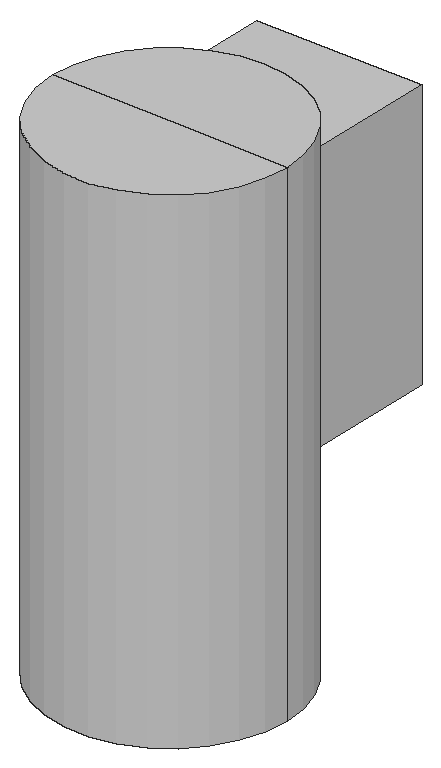
Revit family "WALL SINGLE TUBE 01_AM10W.1.60", category Luminarias, Revit 2019
Family settings
  Cota de conector redondo = Diámetro de uso
  Tipo de pieza = Normal
  Se basa en plano de trabajo = Sí
  Siempre vertical = No
  Corte con vacíos al cargar = No
  Origen de luz = Sí
  Compartido = No
  Punto de cálculo de habitación = No
Parameters (values of type "WALL SINGLE TUBE 01_AM10W.1.60")
  Ángulo de inclinación = 60.00°
  Zone [instance] = ""
  Watt per fixture = 13.1
  Wattage = 13.1 W
  built-in parameter 1150107 = 3000 (stored number, unit not read)
  built-in parameter 1150110 = 1 (stored number, unit not read)
  built-in parameter 1150109 = 1 (stored number, unit not read)
  built-in parameter 1150112 = 1 (stored number, unit not read)
  built-in parameter 1150113 = 1 (stored number, unit not read)
  built-in parameter 1114218 = 1 (stored number, unit not read)
  Keynote = ""
  built-in parameter 1150137 = (empty or 0)
  built-in parameter 1150132 = (empty or 0)
  Modelo = "AM10W.1.60"
  Lámpara = "NICHIA"
  built-in parameter 1150105 = 93.103 (stored number, unit not read)
  built-in parameter 1150102 = (empty or 0)
  built-in parameter 1150106 = 0.93103 (stored number, unit not read)
  Lumens = 1169.96 lm
  Color Filter = 16777215
  built-in parameter 1114217 = 1 (stored number, unit not read)
  built-in parameter 1150139 = (empty or 0)
  Fabricante = "BRILLANT"
  Default Elevation = 0 mm
  built-in parameter 1150104 = 8.2972 (stored number, unit not read)
  Descripción = "LUMINARIA DIRIGIBLE EN FORMA TUBULAR TIPO ARBOTANTE, DE MATERIAL EN ALEACION DE ALUMINIO EXTRUIDO CON UN PESO DE 1.2KG, CON 1 LED TIPO NICHIA CON UNA POTENCIA TOTAL DE 13.1W, 1170 LUMENES, TEMPERATURA EN BLANCO CALIDO 3000K, IRC 80, IP 65, IK10, APERTURA DE 60 GRADOS POR PROYECTO, CORRIENTE DE OPERACIÓN 112mA, CABLE DE 0.3M, ALIMENTADO A 100-277VAC"
  built-in parameter 1150115 = 1 (stored number, unit not read)
  built-in parameter 1150114 = 1 (stored number, unit not read)
  Comentarios de vataje = "100-277V"
  built-in parameter 1150138 = (empty or 0)
  built-in parameter 1150134 = (empty or 0)
  Circuit [instance] = ""
  Dimming Lamp Color Temperature Shift = (empty or 0)
  Archivo de red fotométrica = "AM10W.1_60º.IES"
  built-in parameter 1150133 = 10 (stored number, unit not read)
Reference planes
  plane 1 "Centro (Frontal/Posterior)": y = 0
  plane 2: z = 0
  plane 3 "Centro (Izquierda/Derecha)": x = 0
Forms (mm)
  Revolve 1, solid, material "Cristal", not visible
    sketch origin (-152, 0, 0) x (0, 1, 0) y (0, 0, -1)
      loop
        line (0, -8.749) -> (0, -7.25) -> (-1.499, -7.25)
        arc (-1.499, -7.25) -> (-1.06, -8.31) -> (0, -8.749) r 1.499
      axis (0, -7.25) -> (-1.499, -7.25)
    angle from 0 to 360
  Revolve 2, solid, material "Cristal", not visible
    sketch origin (-136, 0, 0) x (0, 1, 0) y (0, 0, -1)
      loop
        line (0, -8.749) -> (0, -7.25) -> (-1.499, -7.25)
        arc (-1.499, -7.25) -> (-1.06, -8.31) -> (0, -8.749) r 1.499
      axis (0, -7.25) -> (-1.499, -7.25)
    angle from 0 to 360
  Revolve 3, solid, material "Cristal", not visible
    sketch origin (-120, 0, 0) x (0, 1, 0) y (0, 0, -1)
      loop
        line (0, -8.749) -> (0, -7.25) -> (-1.499, -7.25)
        arc (-1.499, -7.25) -> (-1.06, -8.31) -> (0, -8.749) r 1.499
      axis (0, -7.25) -> (-1.499, -7.25)
    angle from 0 to 360
  Revolve 4, solid, material "Cristal", not visible
    sketch origin (-104, 0, 0) x (0, 1, 0) y (0, 0, -1)
      loop
        line (0, -8.749) -> (0, -7.25) -> (-1.499, -7.25)
        arc (-1.499, -7.25) -> (-1.06, -8.31) -> (0, -8.749) r 1.499
      axis (0, -7.25) -> (-1.499, -7.25)
    angle from 0 to 360
  Revolve 5, solid, material "Cristal", not visible
    sketch origin (-88, 0, 0) x (0, 1, 0) y (0, 0, -1)
      loop
        line (0, -8.749) -> (0, -7.25) -> (-1.499, -7.25)
        arc (-1.499, -7.25) -> (-1.06, -8.31) -> (0, -8.749) r 1.499
      axis (0, -7.25) -> (-1.499, -7.25)
    angle from 0 to 360
  Revolve 6, solid, material "Cristal", not visible
    sketch origin (-72, 0, 0) x (0, 1, 0) y (0, 0, -1)
      loop
        line (0, -8.749) -> (0, -7.25) -> (-1.499, -7.25)
        arc (-1.499, -7.25) -> (-1.06, -8.31) -> (0, -8.749) r 1.499
      axis (0, -7.25) -> (-1.499, -7.25)
    angle from 0 to 360
  Revolve 7, solid, material "Cristal", not visible
    sketch origin (-56, 0, 0) x (0, 1, 0) y (0, 0, -1)
      loop
        line (0, -8.749) -> (0, -7.25) -> (-1.499, -7.25)
        arc (-1.499, -7.25) -> (-1.06, -8.31) -> (0, -8.749) r 1.499
      axis (0, -7.25) -> (-1.499, -7.25)
    angle from 0 to 360
  Revolve 8, solid, material "Cristal", not visible
    sketch origin (-40, 0, 0) x (0, 1, 0) y (0, 0, -1)
      loop
        line (0, -8.749) -> (0, -7.25) -> (-1.499, -7.25)
        arc (-1.499, -7.25) -> (-1.06, -8.31) -> (0, -8.749) r 1.499
      axis (0, -7.25) -> (-1.499, -7.25)
    angle from 0 to 360
  Revolve 9, solid, material "Cristal", not visible
    sketch origin (-24, 0, 0) x (0, 1, 0) y (0, 0, -1)
      loop
        line (0, -8.749) -> (0, -7.25) -> (-1.499, -7.25)
        arc (-1.499, -7.25) -> (-1.06, -8.31) -> (0, -8.749) r 1.499
      axis (0, -7.25) -> (-1.499, -7.25)
    angle from 0 to 360
  Revolve 10, solid, material "Cristal", not visible
    sketch origin (-8, 0, 0) x (0, 1, 0) y (0, 0, -1)
      loop
        line (0, -8.749) -> (0, -7.25) -> (-1.499, -7.25)
        arc (-1.499, -7.25) -> (-1.06, -8.31) -> (0, -8.749) r 1.499
      axis (0, -7.25) -> (-1.499, -7.25)
    angle from 0 to 360
  Revolve 11, solid, material "Cristal", not visible
    sketch origin (8, 0, 0) x (0, 1, 0) y (0, 0, -1)
      loop
        line (0, -8.749) -> (0, -7.25) -> (-1.499, -7.25)
        arc (-1.499, -7.25) -> (-1.06, -8.31) -> (0, -8.749) r 1.499
      axis (0, -7.25) -> (-1.499, -7.25)
    angle from 0 to 360
  Revolve 12, solid, material "Cristal", not visible
    sketch origin (24, 0, 0) x (0, 1, 0) y (0, 0, -1)
      loop
        line (0, -8.749) -> (0, -7.25) -> (-1.499, -7.25)
        arc (-1.499, -7.25) -> (-1.06, -8.31) -> (0, -8.749) r 1.499
      axis (0, -7.25) -> (-1.499, -7.25)
    angle from 0 to 360
  Revolve 13, solid, material "Cristal", not visible
    sketch origin (40, 0, 0) x (0, 1, 0) y (0, 0, -1)
      loop
        line (0, -8.749) -> (0, -7.25) -> (-1.499, -7.25)
        arc (-1.499, -7.25) -> (-1.06, -8.31) -> (0, -8.749) r 1.499
      axis (0, -7.25) -> (-1.499, -7.25)
    angle from 0 to 360
  Revolve 14, solid, material "Cristal", not visible
    sketch origin (56, 0, 0) x (0, 1, 0) y (0, 0, -1)
      loop
        line (0, -8.749) -> (0, -7.25) -> (-1.499, -7.25)
        arc (-1.499, -7.25) -> (-1.06, -8.31) -> (0, -8.749) r 1.499
      axis (0, -7.25) -> (-1.499, -7.25)
    angle from 0 to 360
  Revolve 15, solid, material "Cristal", not visible
    sketch origin (72, 0, 0) x (0, 1, 0) y (0, 0, -1)
      loop
        line (0, -8.749) -> (0, -7.25) -> (-1.499, -7.25)
        arc (-1.499, -7.25) -> (-1.06, -8.31) -> (0, -8.749) r 1.499
      axis (0, -7.25) -> (-1.499, -7.25)
    angle from 0 to 360
  Revolve 16, solid, material "Cristal", not visible
    sketch origin (88, 0, 0) x (0, 1, 0) y (0, 0, -1)
      loop
        line (0, -8.749) -> (0, -7.25) -> (-1.499, -7.25)
        arc (-1.499, -7.25) -> (-1.06, -8.31) -> (0, -8.749) r 1.499
      axis (0, -7.25) -> (-1.499, -7.25)
    angle from 0 to 360
  Revolve 17, solid, material "Cristal", not visible
    sketch origin (104, 0, 0) x (0, 1, 0) y (0, 0, -1)
      loop
        line (0, -8.749) -> (0, -7.25) -> (-1.499, -7.25)
        arc (-1.499, -7.25) -> (-1.06, -8.31) -> (0, -8.749) r 1.499
      axis (0, -7.25) -> (-1.499, -7.25)
    angle from 0 to 360
  Revolve 18, solid, material "Cristal", not visible
    sketch origin (120, 0, 0) x (0, 1, 0) y (0, 0, -1)
      loop
        line (0, -8.749) -> (0, -7.25) -> (-1.499, -7.25)
        arc (-1.499, -7.25) -> (-1.06, -8.31) -> (0, -8.749) r 1.499
      axis (0, -7.25) -> (-1.499, -7.25)
    angle from 0 to 360
  Revolve 19, solid, material "Cristal", not visible
    sketch origin (136, 0, 0) x (0, 1, 0) y (0, 0, -1)
      loop
        line (0, -8.749) -> (0, -7.25) -> (-1.499, -7.25)
        arc (-1.499, -7.25) -> (-1.06, -8.31) -> (0, -8.749) r 1.499
      axis (0, -7.25) -> (-1.499, -7.25)
    angle from 0 to 360
  Revolve 20, solid, material "Cristal", not visible
    sketch origin (152, 0, 0) x (0, 1, 0) y (0, 0, -1)
      loop
        line (0, -8.749) -> (0, -7.25) -> (-1.499, -7.25)
        arc (-1.499, -7.25) -> (-1.06, -8.31) -> (0, -8.749) r 1.499
      axis (0, -7.25) -> (-1.499, -7.25)
    angle from 0 to 360
  Revolve 21, solid, material "Acero Inoxidable"
    sketch origin (0, -72, 120.325) x (-1, 0, 0) y (0, 0, 1)
      loop
        line (0, 48.675) -> (-40, 48.675) -> (-40, -120.325) -> (-39.2, -120.325) -> (-39.2, -119.441) -> (-38.399, -119.441) -> (-38.399, -120.325) -> (-33.59, -120.325) -> (-33.59, -119.453)
        arc (-33.59, -119.453) -> (-23.278, -112.244) -> (-11.124, -108.997) r 36.226
        line (-11.124, -108.997) -> (0, -108.997) -> (0, 48.675)
      axis (0, 48.675) -> (0, -120.325)
    angle from 0 to 360
  Extrusion 22, solid, material "Cristal"
    sketch origin (0, 19.494, 0) x (1, 0, 0) y (0, 1, 0)
      loop
        circle (0, -91.494) r 33.59
    from 0 to 0.872
  Extrusion 23, solid, material "Acero Inoxidable"
    sketch origin (0, 0, 0) x (1, 0, 0) y (0, 1, 0)
      loop
        line (-28, 0) -> (-28, -43.434)
        arc (-28, -43.434) -> (0, -32) -> (28, -43.434) r 40
        line (28, -43.434) -> (28, 0) -> (-28, 0)
    from 66.772 to 158.395
  Extrusion 24, void
    sketch origin (0, 0, 0) x (1, 0, 0) y (0, 1, 0)
      loop
        circle (0, -35.958) r 1.283
      loop
        circle (0, -108.042) r 1.283
      loop
        circle (36.019, -72) r 1.283
      loop
        circle (-36.019, -72) r 1.283
    from 0 to 1.671
  Extrusion 25, solid, material "Acero Inoxidable"
    sketch origin (0, 0, 0) x (1, 0, 0) y (0, 1, 0)
      loop
        circle (0, -35.958) r 1.084
      loop
        line (-0.79, -35.958) -> (-0.395, -36.642) -> (0.395, -36.642) -> (0.79, -35.958) -> (0.395, -35.274) -> (-0.395, -35.274) -> (-0.79, -35.958)
      loop
        circle (36.019, -72) r 1.084
      loop
        line (35.229, -72) -> (35.624, -72.684) -> (36.414, -72.684) -> (36.809, -72) -> (36.414, -71.316) -> (35.624, -71.316) -> (35.229, -72)
      loop
        circle (-0.023, -108.042) r 1.084
      loop
        line (-0.813, -108.042) -> (-0.418, -108.726) -> (0.372, -108.726) -> (0.767, -108.042) -> (0.372, -107.358) -> (-0.418, -107.358) -> (-0.813, -108.042)
      loop
        circle (-36.019, -72) r 1.084
      loop
        line (-36.809, -72) -> (-36.414, -72.684) -> (-35.624, -72.684) -> (-35.229, -72) -> (-35.624, -71.316) -> (-36.414, -71.316) -> (-36.809, -72)
    from 0 to 1.671
  Extrusion 26, void
    sketch origin (0, 0, 0) x (1, 0, 0) y (0, 1, 0)
      loop
        circle (-14.364, -17.208) r 3.469
      loop
        circle (14.364, -17.208) r 3.469
    from 66.772 to 70.128
  Extrusion 27, solid, material "Aluminio"
    sketch origin (0, 0, 0) x (1, 0, 0) y (0, 1, 0)
      loop
        circle (-14.364, -17.208) r 3.271
      loop
        line (-16.787, -16.804) -> (-16.787, -17.613) -> (-14.764, -17.613) -> (-14.764, -19.632) -> (-13.964, -19.632) -> (-13.964, -17.613) -> (-11.941, -17.613) -> (-11.941, -16.804) -> (-13.964, -16.804) -> (-13.964, -14.785) -> (-14.764, -14.785) -> (-14.764, -16.804) -> (-16.787, -16.804)
      loop
        circle (14.364, -17.208) r 3.271
      loop
        line (11.941, -16.804) -> (11.941, -17.613) -> (13.964, -17.613) -> (13.964, -19.632) -> (14.764, -19.632) -> (14.764, -17.613) -> (16.787, -17.613) -> (16.787, -16.804) -> (14.764, -16.804) -> (14.764, -14.785) -> (13.964, -14.785) -> (13.964, -16.804) -> (11.941, -16.804)
    from 66.772 to 70.128
Cuts and joins
  Extrusion 24 cuts Revolve 21
  Extrusion 26 cuts Extrusion 23
Lines and regions (mm)
  model lines
    curve 1: line (0, 0, 0) -> (0, -112, 0)
Dimensions and locks
  equal spacing: Extrusion 23 sketch curve, plane 3 "Centro (Izquierda/Derecha)", Extrusion 23 sketch curve
  Extrusion 23 sketch curve to plane 3 "Centro (Izquierda/Derecha)" = 28 mm
  Extrusion 23 sketch curve to Extrusion 23 sketch curve = 56 mm
  Extrusion 23 to Extrusion 23 = 56 mm
  Extrusion 23 to Extrusion 23 = 91.623 mm
  aligned and locked: level to plane 2
  aligned and locked: Extrusion 22 to level
Connectors
  electrical at (0, 0, 112.583)
    settings: on cut or joined group of Extrusion 23, Extrusion 26, index 1, voltage 277 V, apparent load 0 VA, apparent load phase1 0 VA, apparent load phase2 0 VA, apparent load phase3 0 VA, power factor 1, load classification "Otro", number of poles 1, system type 31, power factor state 1, is connector primary yes, connector utility no, sub classification motor no, connector description ""
